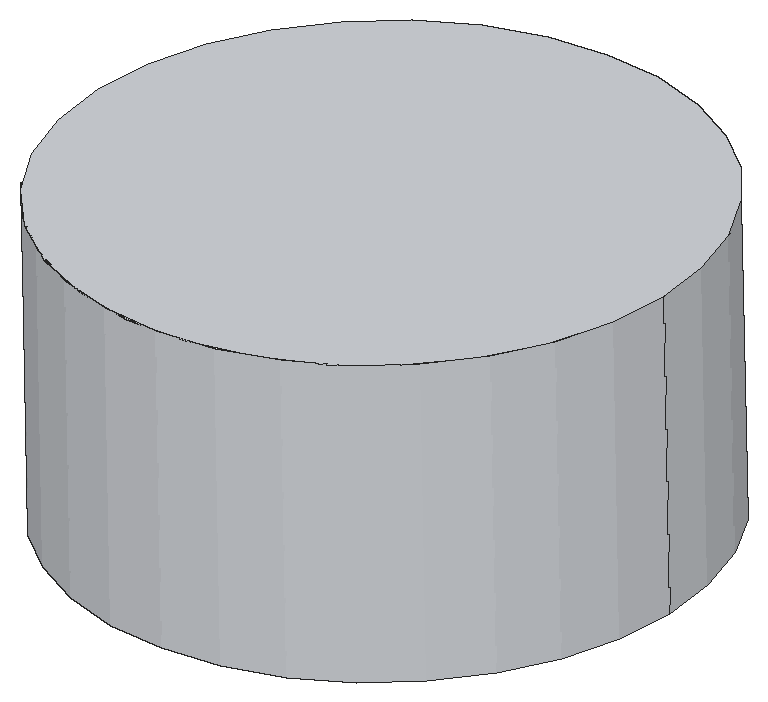
Revit family "03401000", category Specialty Equipment, Revit 2023
Family settings
  Round Connector Dimension = Use Diameter
  Part Type = Normal
  OmniClass Number = 23.40.40.14
  OmniClass Title = Food Service Equipment
  Work Plane-Based = No
  Enable Cutting in Views = Yes
  Always vertical = Yes
  Cut with Voids When Loaded = No
  Maintain Annotation Orientation = No
  Shared = No
  Room Calculation Point = No
Parameters (values of type "Standard")
  URL = "www.rustfriebergh.no"
  Model = "03401000"
  Manufacturer = "Rustfrie Bergh AS"
  Description = "Forspylebasseng RBK-1000"
  Default Elevation = 0 mm
  Connector_1_Diameter = 50 mm
Reference planes
  plane 1 "Center (Front/Back)": y = 0
  plane 2: z = 0
  plane 3 "Center (Left/Right)": x = 0
Forms (mm)
  Extrusion 1, solid
    sketch origin (-366.399, 0, 497.779) x (0.999769, 0, 0.021495) y (0, -1, 0)
      loop
        circle (0, 0) r 3.048
    from 0 to -3.048
Dimensions and locks
  aligned and locked: level to plane 2
Connectors
  piping at (-366.399, 0, 497.779), diameter 50, driven by "Connector_1_Diameter"
    settings: on Extrusion 1, index 1, connector inside diameter 609.6 mm, connector length 0 mm, flow factor 0, pipe flow 0.0 L/s, pressure drop 0.0 Pa, fitting loss kfactor 0, connector angle 0.00°, fixture units 0, engagement length 0 mm, angle of deflection 0.00°, flow configuration 1, flow direction 0, fitting loss method 0, system type 16, joint type 0, gender type 0, connector reference index -1, connector utility 0, adjustable connector no, is connector primary yes, connector description ""
